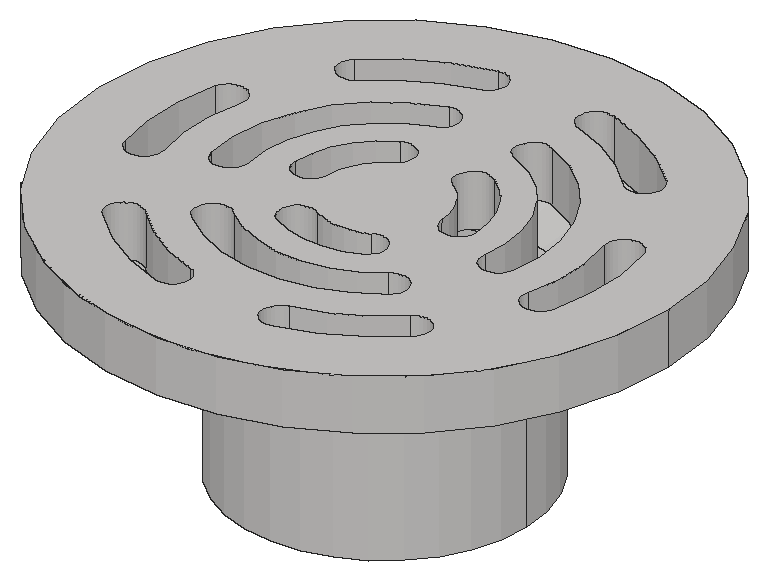
Revit family "PlumbingFixture_Grate_Galvin_G100R-Slip", category Plumbing Fixtures, host Face, Revit 2011
Parameters (values of type "302380X - ST/ST 316")
  URL = "www.galvinengineering.com.au"
  Type Comments = "Round"
  StyleOrType_ANZRS = "Grate"
  ModifiedIssue_ANZRS = 20140526.01  # constant formula
  Model = "302380X - ST/ST 316"
  Manufacturer = "Galvin Engineering"
  Keynote = "10800"
  Instructions = "http://www.galvinengineering.com.au/Installation_Guides_1.aspx"
  GrateMaterial = Metal_Drains_Stainless-Steel_15400
  FilterObject_ANZRS = "GR-Slip"
  OutletRadius_DoNotEdit = 40 mm
  DimTop = 100 mm  # constant formula
  DimOutlet = if(OutletRadius_DoNotEdit > 0 mm, (OutletRadius_DoNotEdit * 2), (OutletRadius_DoNotEdit * 2))  # 80 mm
  DimHeight = 43 mm
  DimDepth = 25 mm  # constant formula
  Description = "Round Slip-In Floor Drain - Grate Assembly"
  Default Elevation = 0 mm
  CreatedBy_ANZRS = "Galvin Engineering"
  CreatedByURL_ANZRS = "www.galvinengineering.com.au"
  CreatedByPhoneNo_ANZRS = "61-8-92495900"
  Circulation_ANZRS = yes
  CHWFlow_ANZRS = 1.2 L/s
  Assembly Code = "D2040200"
  Application = "PVC"
Reference planes
  plane 1 "Center (Front/Back)": y = 0
  plane 2 "Face": z = 0
  plane 3 "Center (Left/Right)": x = 0
  plane 4 "Left": x = -50
  plane 5 "Right": x = 50
  plane 6 "Depth": z = -18
  plane 7 "Bottom": z = -43
Forms (mm)
  Revolve 1, solid, material "Metal_Drains_Stainless-Steel_15400" <- "GrateMaterial"
    sketch origin (0, 0, 0) x (1, 0, 0) y (0, 0, 1)
      loop
        line (28.728, -16.145) -> (47.765, -9) -> (44.776, -9) -> (25.9, -16) -> (23.023, -16) -> (23.023, -43) -> (25.023, -43) -> (25.023, -18) -> (27.759, -18)
        arc (27.759, -18) -> (28.076, -16.985) -> (28.728, -16.145) r 3
      axis (0, -9) -> (0, -43)
    angle from 0 to 360
  Extrusion 2, solid, material "Metal_Drains_Stainless-Steel_15400" <- "GrateMaterial"
    sketch origin (0, 0, 0) x (1, 0, 0) y (0, 1, 0)
      loop
        circle (0, 0) r 50
      loop
        arc (-10.23, 37.634) -> (-19.5, 33.775) -> (-27.477, 27.677) r 39
        arc (-27.477, 27.677) -> (-27.493, 23.434) -> (-23.25, 23.419) r 3
        arc (-23.25, 23.419) -> (-16.5, 28.579) -> (-8.656, 31.844) r 33
        arc (-8.656, 31.844) -> (-6.548, 35.526) -> (-10.23, 37.634) r 3
      loop
        arc (-31.906, 8.426) -> (-34.041, 12.092) -> (-37.707, 9.958) r 3
        arc (-37.707, 9.958) -> (-39, 0) -> (-37.707, -9.958) r 39
        arc (-37.707, -9.958) -> (-34.041, -12.092) -> (-31.906, -8.426) r 3
        arc (-31.906, -8.426) -> (-33, 0) -> (-31.906, 8.426) r 33
      loop
        arc (-9.053, 25.437) -> (-23.383, 13.5) -> (-26.556, -4.878) r 27
        arc (-26.556, -4.878) -> (-23.063, -7.287) -> (-20.654, -3.794) r 3
        arc (-20.654, -3.794) -> (-18.187, 10.5) -> (-7.041, 19.784) r 21
        arc (-7.041, 19.784) -> (-5.221, 23.617) -> (-9.053, 25.437) r 3
      loop
        arc (-8.277, 13.692) -> (-13.856, 8) -> (-15.997, 0.322) r 16
        arc (-15.997, 0.322) -> (-13.058, -2.738) -> (-9.998, 0.201) r 3
        arc (-9.998, 0.201) -> (-8.66, 5) -> (-5.173, 8.558) r 10
        arc (-5.173, 8.558) -> (-4.158, 12.677) -> (-8.277, 13.692) r 3
      loop
        arc (9.998, 0.201) -> (13.058, -2.738) -> (15.997, 0.322) r 3
        arc (15.997, 0.322) -> (13.856, 8) -> (8.277, 13.692) r 16
        arc (8.277, 13.692) -> (4.158, 12.677) -> (5.173, 8.558) r 3
        arc (5.173, 8.558) -> (8.66, 5) -> (9.998, 0.201) r 10
      loop
        arc (20.654, -3.794) -> (23.063, -7.287) -> (26.556, -4.878) r 3
        arc (26.556, -4.878) -> (23.383, 13.5) -> (9.053, 25.437) r 27
        arc (9.053, 25.437) -> (5.221, 23.617) -> (7.041, 19.784) r 3
        arc (7.041, 19.784) -> (18.187, 10.5) -> (20.654, -3.794) r 21
      loop
        arc (23.25, 23.419) -> (27.493, 23.434) -> (27.477, 27.677) r 3
        arc (27.477, 27.677) -> (19.5, 33.775) -> (10.23, 37.634) r 39
        arc (10.23, 37.634) -> (6.548, 35.526) -> (8.656, 31.844) r 3
        arc (8.656, 31.844) -> (16.5, 28.579) -> (23.25, 23.419) r 33
      loop
        arc (31.906, -8.426) -> (34.041, -12.092) -> (37.707, -9.958) r 3
        arc (37.707, -9.958) -> (39, 0) -> (37.707, 9.958) r 39
        arc (37.707, 9.958) -> (34.041, 12.092) -> (31.906, 8.426) r 3
        arc (31.906, 8.426) -> (33, 0) -> (31.906, -8.426) r 33
      loop
        arc (-4.825, -8.759) -> (-8.9, -9.94) -> (-7.719, -14.015) r 3
        arc (-7.719, -14.015) -> (0, -16) -> (7.719, -14.015) r 16
        arc (7.719, -14.015) -> (8.9, -9.94) -> (4.825, -8.759) r 3
        arc (4.825, -8.759) -> (0, -10) -> (-4.825, -8.759) r 10
      loop
        arc (-13.613, -15.99) -> (-17.842, -16.33) -> (-17.502, -20.559) r 3
        arc (-17.502, -20.559) -> (0, -27) -> (17.502, -20.559) r 27
        arc (17.502, -20.559) -> (17.842, -16.33) -> (13.613, -15.99) r 3
        arc (13.613, -15.99) -> (0, -21) -> (-13.613, -15.99) r 21
      loop
        arc (-23.25, -23.419) -> (-27.493, -23.434) -> (-27.477, -27.677) r 3
        arc (-27.477, -27.677) -> (-19.5, -33.775) -> (-10.23, -37.634) r 39
        arc (-10.23, -37.634) -> (-6.548, -35.526) -> (-8.656, -31.844) r 3
        arc (-8.656, -31.844) -> (-16.5, -28.579) -> (-23.25, -23.419) r 33
      loop
        arc (8.656, -31.844) -> (6.548, -35.526) -> (10.23, -37.634) r 3
        arc (10.23, -37.634) -> (19.5, -33.775) -> (27.477, -27.677) r 39
        arc (27.477, -27.677) -> (27.493, -23.434) -> (23.25, -23.419) r 3
        arc (23.25, -23.419) -> (16.5, -28.579) -> (8.656, -31.844) r 33
    from 0 to -9
  Revolve 3, void
    sketch origin (0, 0, 0) x (1, 0, 0) y (0, 0, 1)
      loop
        line (28.728, -16.145) -> (47.765, -9) -> (50, -9) -> (50, 0) -> (0, 0) -> (0, -43) -> (25.023, -43) -> (25.023, -18) -> (27.759, -18)
        arc (27.759, -18) -> (28.076, -16.985) -> (28.728, -16.145) r 3
      axis (0, 0) -> (0, -43)
    angle from 0 to 360
Lines and regions (mm)
  symbolic lines, style "Waste Outlets", detail levels medium+fine
    curve 1: circle (0, 0, 0) r 45 normal (0, 0, 1)
    curve 4: circle (-31.61, -18.25, 0) r 1.444 normal (0, 0, 1)
    curve 7: circle (31.61, -18.25, 0) r 1.444 normal (0, 0, 1)
    curve 10: circle (0, 36.5, 0) r 1.444 normal (0, 0, 1)
  symbolic lines, style "Waste Outlets"
    curve 2: circle (-31.61, -18.25, 0) r 5 normal (0, 0, 1)
    curve 5: circle (31.61, -18.25, 0) r 5 normal (0, 0, 1)
    curve 8: circle (0, 36.5, 0) r 5 normal (0, 0, 1)
  symbolic lines, style "Waste Outlets", detail levels fine
    curve 3: circle (-31.61, -18.25, 0) r 4 normal (0, 0, 1)
    curve 6: circle (31.61, -18.25, 0) r 4 normal (0, 0, 1)
    curve 9: circle (0, 36.5, 0) r 4 normal (0, 0, 1)
Dimensions and locks
  "DimDepth": plane 6 "Depth" to plane 7 "Bottom"
  "DimHeight": host face to plane 7 "Bottom"
  "DimTop": plane 4 "Left" to plane 5 "Right"
  aligned and locked: plane 2 "Face" to host face
  aligned and locked: level to host face
  aligned and locked: Revolve 1 sketch curve to plane 7 "Bottom"
  aligned and locked: Revolve 3 sketch curve to plane 7 "Bottom"
  aligned and locked: Revolve 1 sketch curve to plane 6 "Depth"
  aligned and locked: Revolve 3 sketch curve to plane 6 "Depth"
Automatic sketch dimensions
  host sketch curve to host sketch curve = 400 mm  (x2)
  plane 1 "Center (Front/Back)" to Extrusion 2 sketch curve = 0 mm
  Extrusion 2 sketch curve to plane 3 "Center (Left/Right)" = 0 mm
  Extrusion 2 sketch curve to Extrusion 2 sketch curve = 0 mm  (x85)
  Extrusion 2 sketch curve to plane 3 "Center (Left/Right)" = 8.656 mm
  Extrusion 2 sketch curve to Extrusion 2 sketch curve = 0.787 mm  (x4)
  Extrusion 2 sketch curve to Extrusion 2 sketch curve = 14.594 mm
  Extrusion 2 sketch curve to Extrusion 2 sketch curve = 2.114 mm  (x4)
  Extrusion 2 sketch curve to plane 1 "Center (Front/Back)" = 23.419 mm
  plane 1 "Center (Front/Back)" to Extrusion 2 sketch curve = 8.426 mm
  Extrusion 2 sketch curve to plane 3 "Center (Left/Right)" = 31.906 mm
  Extrusion 2 sketch curve to Extrusion 2 sketch curve = 2.901 mm  (x4)
  Extrusion 2 sketch curve to Extrusion 2 sketch curve = 5.351 mm  (x3)
  Extrusion 2 sketch curve to Extrusion 2 sketch curve = 2.951 mm  (x2)
  Extrusion 2 sketch curve to Extrusion 2 sketch curve = 0.397 mm  (x2)
  Extrusion 2 sketch curve to Extrusion 2 sketch curve = 1.006 mm  (x2)
  plane 1 "Center (Front/Back)" to Extrusion 2 sketch curve = 4.878 mm  (x2)
  Extrusion 2 sketch curve to plane 1 "Center (Front/Back)" = 0.322 mm
  Extrusion 2 sketch curve to Extrusion 2 sketch curve = 4.658 mm  (x2)
  Extrusion 2 sketch curve to plane 1 "Center (Front/Back)" = 0.262 mm  (x2)
  Extrusion 2 sketch curve to Extrusion 2 sketch curve = 1.236 mm  (x2)
  Extrusion 2 sketch curve to Extrusion 2 sketch curve = 1.552 mm  (x2)
  plane 3 "Center (Left/Right)" to Extrusion 2 sketch curve = 5.173 mm
  Extrusion 2 sketch curve to plane 1 "Center (Front/Back)" = 0.201 mm
  Extrusion 2 sketch curve to Extrusion 2 sketch curve = 4.825 mm
  Extrusion 2 sketch curve to Extrusion 2 sketch curve = 14.197 mm
  Extrusion 2 sketch curve to Extrusion 2 sketch curve = 2.018 mm
  plane 1 "Center (Front/Back)" to Extrusion 2 sketch curve = 9.958 mm
  Extrusion 2 sketch curve to plane 3 "Center (Left/Right)" = 7.719 mm
  Extrusion 2 sketch curve to Extrusion 2 sketch curve = 1.447 mm  (x2)
  plane 3 "Center (Left/Right)" to Extrusion 2 sketch curve = 4.825 mm
  plane 1 "Center (Front/Back)" to Extrusion 2 sketch curve = 11.387 mm
  Extrusion 2 sketch curve to Extrusion 2 sketch curve = 9.783 mm
  Extrusion 2 sketch curve to Extrusion 2 sketch curve = 1.945 mm  (x2)
  Extrusion 2 sketch curve to Extrusion 2 sketch curve = 5.894 mm
  Extrusion 2 sketch curve to Extrusion 2 sketch curve = 1.975 mm
  Extrusion 2 sketch curve to Extrusion 2 sketch curve = 9.975 mm
  Extrusion 2 sketch curve to plane 3 "Center (Left/Right)" = 10.23 mm
  Extrusion 2 sketch curve to Extrusion 2 sketch curve = 2.86 mm
  plane 3 "Center (Left/Right)" to Extrusion 2 sketch curve = 8.656 mm
  Extrusion 2 sketch curve to Extrusion 2 sketch curve = 5.747 mm
  Extrusion 2 sketch curve to Extrusion 2 sketch curve = 17.075 mm
  Revolve 1 sketch curve to plane 3 "Center (Left/Right)" = 0 mm
  Revolve 1 sketch curve to level = 9 mm
  plane 3 "Center (Left/Right)" to Revolve 1 sketch curve = 23.023 mm
  Revolve 1 sketch curve to Revolve 1 sketch curve = 2.736 mm
  Revolve 1 sketch curve to Revolve 1 sketch curve = 0.969 mm
  Revolve 1 sketch curve to plane 6 "Depth" = 1.855 mm
  plane 6 "Depth" to Revolve 1 sketch curve = 0.374 mm
  plane 7 "Bottom" to Revolve 1 sketch curve = 29.509 mm
  level to Revolve 1 sketch curve = 22.491 mm
  Revolve 1 sketch curve to Revolve 1 sketch curve = 19.037 mm
  Revolve 1 sketch curve to Revolve 1 sketch curve = 2.989 mm
  Revolve 1 sketch curve to plane 6 "Depth" = 2 mm
  Revolve 1 sketch curve to Revolve 1 sketch curve = 0.877 mm
  Revolve 1 sketch curve to Revolve 1 sketch curve = 2 mm
  Revolve 3 sketch curve to plane 3 "Center (Left/Right)" = 0 mm  (x2)
  Revolve 3 sketch curve to plane 6 "Depth" = 1.855 mm
  Revolve 3 sketch curve to Revolve 3 sketch curve = 0.969 mm
  plane 6 "Depth" to Revolve 3 sketch curve = 0.374 mm
  Revolve 3 sketch curve to plane 5 "Right" = 2.235 mm
  plane 5 "Right" to Revolve 3 sketch curve = 0 mm
  plane 7 "Bottom" to Revolve 3 sketch curve = 29.509 mm
  level to Revolve 3 sketch curve = 22.491 mm
  level to Revolve 3 sketch curve = 0 mm
  Revolve 3 sketch curve to plane 5 "Right" = 24.977 mm
  Revolve 3 sketch curve to Revolve 3 sketch curve = 2.736 mm
  Revolve 3 sketch curve to level = 9 mm
  radius of Extrusion 2 sketch curve = 50 mm
Connectors
  piping at (0, 0, -43), driven by "OutletRadius_DoNotEdit"
    settings: on Revolve 1, index 1, connector radius 1.5748", flow factor 0, pipe flow 0.0 L/s, pressure drop 0.00 psi, fitting loss kfactor 0, connector angle 0.00°, fixture units 0, engagement length 0 mm, flow configuration 0, flow direction 0, fitting loss method 0, system type 28, joint type 0, gender type 0, connector reference index -1, connector utility 0, adjustable connector no, is connector primary yes, fitting loss table "", connector description ""
